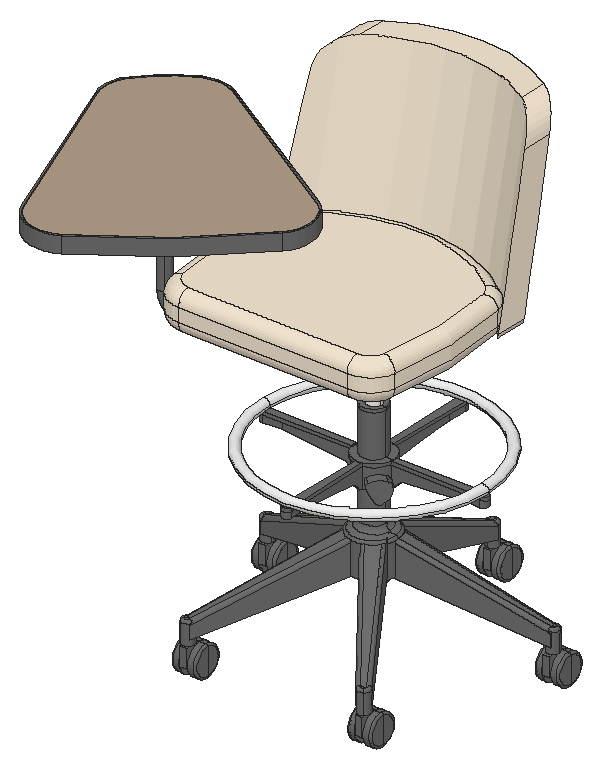
Revit family "Seating_Inc-Dock-Collaborative-Stool", category Furniture, Revit 2014 (continued)
Automatic sketch dimensions
  profile plane to Sweep 37 sketch curve = 8.42268"
  profile plane to Sweep 37 sketch curve = 2.18107"  (x2)
  Sweep 37 sketch curve to Sweep 37 sketch curve = 0.0654"  (x2)
  profile plane to Sweep 37 sketch curve = 1.47364"  (x2)
  profile plane to Sweep 37 sketch curve = 1.93386"  (x2)
  Sweep 37 sketch curve to Sweep 37 sketch curve = 1.33719"
  profile plane to Sweep 37 sketch curve = 1.72239"  (x2)
  Sweep 37 sketch curve to Sweep 37 sketch curve = 0"  (x2)
  profile plane to Sweep 37 sketch curve = 1.16264"
  profile plane to Sweep 37 sketch curve = 0.17463"  (x2)
  Sweep 37 sketch curve to profile plane = 0.0749"  (x2)
  Sweep 37 sketch curve to profile plane = 0.17601"  (x2)
  Sweep 37 sketch curve to Sweep 37 sketch curve = 0.21"  (x2)
  Sweep 37 sketch curve to Sweep 37 sketch curve = 0.35064"  (x2)
  Sweep 37 sketch curve to profile plane = 1.64702"
  Sweep 37 sketch curve to Sweep 37 sketch curve = 5.73245"
  Sweep 37 sketch curve to Sweep 37 sketch curve = 1.33678"
  Sweep 37 sketch curve to Sweep 37 sketch curve = 0.00041"
  profile plane to Sweep 37 sketch curve = 0.42345"
  Sweep 37 sketch curve to profile plane = 5.32655"
  Sweep 37 sketch curve to Sweep 37 sketch curve = 0.04416"  (x2)
  Sweep 37 sketch curve to Sweep 37 sketch curve = 1.371"  (x2)
  Sweep 37 sketch curve to Sweep 37 sketch curve = 0.06183"  (x2)
  Sweep 37 sketch curve to Sweep 37 sketch curve = 1.29894"
  Sweep 37 sketch curve to Sweep 37 sketch curve = 5 3/4"
  Revolve 38 sketch curve to plane 3 "Center (Left/Right)" = 0"
  Revolve 38 sketch curve to Revolve 38 sketch curve = 1.50865"
  Revolve 38 sketch curve to Revolve 38 sketch curve = 0.68768"  (x2)
  Revolve 38 sketch curve to plane 9 = 0.62478"
  level to Revolve 38 sketch curve = 11.69527"
  Revolve 38 sketch curve to Revolve 38 sketch curve = 1/2"
  Revolve 38 sketch curve to Revolve 38 sketch curve = 1.80532"
  Revolve 38 sketch curve to Revolve 38 sketch curve = 0"
  Revolve 38 sketch curve to Revolve 38 sketch curve = 0.4792"
  plane 3 "Center (Left/Right)" to Sweep 39 sketch curve = 1.90159"
  plane 1 "Center (Front/Back)" to Sweep 39 sketch curve = 1.79117"
  Sweep 39 sketch curve to Sweep 39 sketch curve = 0.5748"
  profile plane to Sweep 39 sketch curve = 0.31174"
  profile plane to Sweep 39 sketch curve = 0.01217"
  Sweep 39 sketch curve to profile plane = 0.29013"
  Sweep 39 sketch curve to Sweep 39 sketch curve = 0.01331"
  Sweep 39 sketch curve to profile plane = 0.63434"
  Sweep 39 sketch curve to Sweep 39 sketch curve = 1.67058"
  profile plane to Sweep 39 sketch curve = 9.28327"
  Sweep 39 sketch curve to Sweep 39 sketch curve = 0.28432"
  Sweep 39 sketch curve to Sweep 39 sketch curve = 0.67658"
  Sweep 39 sketch curve to Sweep 39 sketch curve = 0.02572"
  Sweep 39 sketch curve to Sweep 39 sketch curve = 0.18568"
  Sweep 39 sketch curve to Sweep 39 sketch curve = 0.91418"
  Sweep 39 sketch curve to Sweep 39 sketch curve = 0.1162"
  Sweep 39 sketch curve to Sweep 39 sketch curve = 0"  (x5)
  Revolve 40 sketch curve to Revolve 40 sketch curve = 0.10632"  (x2)
  Revolve 40 sketch curve to Revolve 40 sketch curve = 0.66121"
  plane 1 "Center (Front/Back)" to Revolve 40 sketch curve = 0.90374"
  Revolve 40 sketch curve to Revolve 40 sketch curve = 0.29795"
  Revolve 40 sketch curve to Revolve 40 sketch curve = 0.13805"
  Revolve 41 sketch curve to plane 3 "Center (Left/Right)" = 1.95239"
  Revolve 41 sketch curve to Revolve 41 sketch curve = 0.15635"
  Revolve 41 sketch curve to Revolve 41 sketch curve = 1/4"
  Revolve 41 sketch curve to plane 3 "Center (Left/Right)" = 1.62126"
  Revolve 41 sketch curve to Revolve 41 sketch curve = 0.25709"
  Revolve 41 sketch curve to Revolve 41 sketch curve = 0.13572"
  Revolve 41 sketch curve to Revolve 41 sketch curve = 0.44439"
  Revolve 41 sketch curve to plane 3 "Center (Left/Right)" = 1.03896"
  Revolve 41 sketch curve to Revolve 41 sketch curve = 0.91343"
  Revolve 41 sketch curve to Revolve 41 sketch curve = 1/2"
  level to Revolve 41 sketch curve = 5.26"
  Revolve 41 sketch curve to Revolve 41 sketch curve = 2.74944"
  Revolve 41 sketch curve to Revolve 41 sketch curve = 1.685"
  Revolve 41 sketch curve to Revolve 41 sketch curve = 0.225"
  Revolve 41 sketch curve to plane 3 "Center (Left/Right)" = 1/16"  (x2)
  Revolve 41 sketch curve to Revolve 41 sketch curve = 5.90901"
  Revolve 41 sketch curve to Revolve 41 sketch curve = 6 85/256"
  Sweep 3 sketch curve to profile plane = 0.02244"
  Sweep 3 sketch curve to Sweep 3 sketch curve = 1"
  Sweep 3 sketch curve to profile plane = 1.02244"
  Sweep 3 sketch curve to Sweep 3 sketch curve = 0.27381"
  Sweep 3 sketch curve to plane 6 = 3.01858"
  Sweep 3 sketch curve to plane 9 = 3.16829"
  Sweep 3 sketch curve to plane 9 = 3.19966"
  Sweep 3 sketch curve to plane 3 "Center (Left/Right)" = 0.03201"
  Sweep 3 sketch curve to plane 10 = 3.1369"
  Sweep 3 sketch curve to plane 10 = 2.99945"
  plane 7 to Sweep 3 sketch curve = 2.89358"
  Sweep 3 sketch curve to Sweep 3 sketch curve = 2.31165"
  Sweep 3 sketch curve to Sweep 3 sketch curve = 2.3822"
  Sweep 3 sketch curve to Sweep 3 sketch curve = 1.2818"
  Sweep 3 sketch curve to Sweep 3 sketch curve = 4.73695"
  Sweep 3 sketch curve to Sweep 3 sketch curve = 5.11076"
  Sweep 3 sketch curve to Sweep 3 sketch curve = 9.11053"
  Sweep 3 sketch curve to Sweep 3 sketch curve = 9.18409"
  Sweep 3 sketch curve to plane 9 = 0.81453"
  Sweep 3 sketch curve to Sweep 3 sketch curve = 0"  (x3)
  Extrusion 42 sketch curve to Extrusion 42 sketch curve = 6.65176"
  Extrusion 42 sketch curve to Extrusion 42 sketch curve = 6.64913"
  Extrusion 42 sketch curve to Extrusion 42 sketch curve = 1.01539"
  Sweep 3 to Extrusion 42 sketch curve = 1 11/128"
  level to Sweep 2 sketch curve = 17.3349"  (x2)
  profile plane to Sweep 2 sketch curve = 261.48498"
  profile plane to Sweep 2 sketch curve = 11.90641"
  Sweep 2 sketch curve to Sweep 2 sketch curve = 3.35174"
  profile plane to Sweep 2 sketch curve = 6.40386"
  Sweep 2 sketch curve to profile plane = 6.27886"
  Sweep 2 sketch curve to profile plane = 8.42967"
  Sweep 2 sketch curve to Sweep 2 sketch curve = 4.81473"
  Sweep 2 sketch curve to Sweep 2 sketch curve = 250.26639"
  level to Sweep 2 sketch curve = 22.90993"
  Sweep 2 sketch curve to Sweep 2 sketch curve = 1.7705"
  Sweep 2 sketch curve to Sweep 2 sketch curve = 1/2"  (x2)
  Sweep 2 sketch curve to Sweep 2 sketch curve = 11.23363"
  Sweep 2 sketch curve to Sweep 2 sketch curve = 0"  (x3)
  Sweep 2 sketch curve to Sweep 2 sketch curve = 2 11/128"
  Sweep 2 sketch curve to Sweep 2 sketch curve = 3.40993"
  plane 3 "Center (Left/Right)" to Revolve 8 sketch curve = 0.88484"
  Revolve 8 sketch curve to Revolve 8 sketch curve = 0.15904"
  plane 3 "Center (Left/Right)" to Revolve 8 sketch curve = 0.27925"
  Revolve 8 sketch curve to plane 3 "Center (Left/Right)" = 0.40425"
  Revolve 8 sketch curve to Revolve 8 sketch curve = 0.4446"
  Revolve 8 sketch curve to Revolve 8 sketch curve = 0.161"
  level to Revolve 8 sketch curve = 1.20363"  (x2)
  Revolve 8 sketch curve to Revolve 8 sketch curve = 1.03301"
  Revolve 8 sketch curve to Revolve 8 sketch curve = 1.03497"
  Revolve 8 sketch curve to Revolve 8 sketch curve = 0.14627"
  Revolve 8 sketch curve to Revolve 8 sketch curve = 0.07251"
  Revolve 8 sketch curve to Revolve 8 sketch curve = 0"
  Extrusion 9 sketch curve to plane 11 = 1.40226"
  Extrusion 9 sketch curve to plane 11 = 71/256"
  Extrusion 9 sketch curve to Extrusion 9 sketch curve = 0.07565"
  Extrusion 9 sketch curve to Extrusion 9 sketch curve = 1.20059"
  level to Extrusion 9 sketch curve = 0.9637"
  level to Extrusion 9 sketch curve = 1.17712"
  plane 9 to Revolve 11 sketch curve = 0.40664"
  Revolve 11 sketch curve to Revolve 11 sketch curve = 0.15904"
  Revolve 11 sketch curve to Revolve 11 sketch curve = 0.60559"
  Revolve 11 sketch curve to Revolve 11 sketch curve = 0.6835"
  Revolve 11 sketch curve to Revolve 11 sketch curve = 0.4446"
  Revolve 11 sketch curve to Revolve 11 sketch curve = 0.161"
  level to Revolve 11 sketch curve = 1.20363"  (x2)
  Revolve 11 sketch curve to Revolve 11 sketch curve = 1.03301"
  Revolve 11 sketch curve to Revolve 11 sketch curve = 1.03497"
  Revolve 11 sketch curve to Revolve 11 sketch curve = 0.14627"
  Revolve 11 sketch curve to Revolve 11 sketch curve = 0.07251"
  Revolve 11 sketch curve to Revolve 11 sketch curve = 0"
  level to Extrusion 12 sketch curve = 0.9637"
  Extrusion 12 sketch curve to plane 1 "Center (Front/Back)" = 5.40467"
  Extrusion 12 sketch curve to Extrusion 12 sketch curve = 1.12493"
  Extrusion 12 sketch curve to Extrusion 12 sketch curve = 0.07565"
  Extrusion 12 sketch curve to Extrusion 12 sketch curve = 1.20059"
  level to Extrusion 12 sketch curve = 1.17712"
  plane 10 to Revolve 20 sketch curve = 2.44319"
  Revolve 20 sketch curve to Revolve 20 sketch curve = 0.15904"
  Revolve 20 sketch curve to Revolve 20 sketch curve = 0.60559"
  Revolve 20 sketch curve to Revolve 20 sketch curve = 0.6835"
  Revolve 20 sketch curve to Revolve 20 sketch curve = 0.4446"
  Revolve 20 sketch curve to Revolve 20 sketch curve = 0.161"
  level to Revolve 20 sketch curve = 1.20363"  (x2)
  Revolve 20 sketch curve to Revolve 20 sketch curve = 1.03301"
  Revolve 20 sketch curve to Revolve 20 sketch curve = 1.03497"
  Revolve 20 sketch curve to Revolve 20 sketch curve = 0.14627"
  Revolve 20 sketch curve to Revolve 20 sketch curve = 0.07251"
  Revolve 20 sketch curve to Revolve 20 sketch curve = 0"
  level to Extrusion 21 sketch curve = 0.9637"
  Extrusion 21 sketch curve to plane 1 "Center (Front/Back)" = 5.40467"
  Extrusion 21 sketch curve to Extrusion 21 sketch curve = 1.12493"
  Extrusion 21 sketch curve to Extrusion 21 sketch curve = 0.07565"
  Extrusion 21 sketch curve to Extrusion 21 sketch curve = 1.20059"
  level to Extrusion 21 sketch curve = 1.17712"
  level to Revolve 14 sketch curve = 1.20363"
  Revolve 14 sketch curve to plane 9 = 3.8618"
  Revolve 14 sketch curve to Revolve 14 sketch curve = 0.15904"
  Revolve 14 sketch curve to Revolve 14 sketch curve = 0.60559"
  Revolve 14 sketch curve to Revolve 14 sketch curve = 0.6835"
  Revolve 14 sketch curve to Revolve 14 sketch curve = 0.4446"
  Revolve 14 sketch curve to Revolve 14 sketch curve = 0.161"
  Revolve 14 sketch curve to Revolve 14 sketch curve = 0"  (x2)
  Revolve 14 sketch curve to Revolve 14 sketch curve = 1.03301"
  Revolve 14 sketch curve to Revolve 14 sketch curve = 1.03497"
  Revolve 14 sketch curve to Revolve 14 sketch curve = 0.14627"
  Revolve 14 sketch curve to Revolve 14 sketch curve = 0.07251"
  level to Extrusion 15 sketch curve = 0.9637"
  plane 12 to Extrusion 15 sketch curve = 4.63069"
  Extrusion 15 sketch curve to Extrusion 15 sketch curve = 1.12493"
  Extrusion 15 sketch curve to Extrusion 15 sketch curve = 0.07565"
  plane 12 to Extrusion 15 sketch curve = 2.22952"
  level to Extrusion 15 sketch curve = 1.17712"
  Revolve 17 sketch curve to plane 10 = 1.82525"
  Revolve 17 sketch curve to Revolve 17 sketch curve = 0.15904"
  Revolve 17 sketch curve to Revolve 17 sketch curve = 0.60559"
  Revolve 17 sketch curve to Revolve 17 sketch curve = 0.6835"
  Revolve 17 sketch curve to Revolve 17 sketch curve = 0.4446"
  Revolve 17 sketch curve to Revolve 17 sketch curve = 0.161"
  level to Revolve 17 sketch curve = 1.20363"  (x2)
  Revolve 17 sketch curve to Revolve 17 sketch curve = 1.03301"
  Revolve 17 sketch curve to Revolve 17 sketch curve = 1.03497"
  Revolve 17 sketch curve to Revolve 17 sketch curve = 0.14627"
  Revolve 17 sketch curve to Revolve 17 sketch curve = 0.07251"
  Revolve 17 sketch curve to Revolve 17 sketch curve = 0"
  level to Extrusion 18 sketch curve = 0.9637"
  plane 12 to Extrusion 18 sketch curve = 4.63069"
  Extrusion 18 sketch curve to Extrusion 18 sketch curve = 1.12493"
  Extrusion 18 sketch curve to Extrusion 18 sketch curve = 0.07565"
  plane 12 to Extrusion 18 sketch curve = 2.22952"
  level to Extrusion 18 sketch curve = 1.17712"
  plane 1 "Center (Front/Back)" to curve 53 = 0"
  plane 1 "Center (Front/Back)" to curve 54 = 0"
  curve 54 to plane 3 "Center (Left/Right)" = 0"
  curve 23 to plane 3 "Center (Left/Right)" = 1/16"
  curve 29 to plane 3 "Center (Left/Right)" = 0.08569"
  curve 52 to curve 29 = 0.00349"
  curve 51 to curve 52 = 0.01396"
  curve 53 to curve 29 = 0.01801"
  curve 1 to plane 3 "Center (Left/Right)" = 0.18914"
  curve 2 to plane 3 "Center (Left/Right)" = 0.26505"
  curve 88 to plane 3 "Center (Left/Right)" = 0.32862"
  curve 87 to curve 88 = 0.07563"
  curve 21 to curve 87 = 0.12544"
  curve 91 to curve 84 = 0.36574"
  curve 85 to curve 21 = 0.24029"
  curve 27 to plane 3 "Center (Left/Right)" = 0.95397"
  curve 83 to curve 86 = 1/4"
  plane 1 "Center (Front/Back)" to curve 28 = 0.49785"
  curve 28 to curve 1 = 1.26863"
  curve 131 to plane 3 "Center (Left/Right)" = 2.73454"
  curve 46 to curve 2 = 2.67644"
  curve 47 to curve 46 = 0.0008"
  curve 43 to curve 26 = 2.09132"
  curve 44 to curve 44 = 0.00062"
  curve 45 to curve 44 = 0.38619"
  curve 45 to curve 46 = 1/2"
  curve 7 to curve 44 = 2.20521"
  curve 6 to curve 7 = 0.10266"
  curve 12 to curve 7 = 0.36053"
  curve 100 to curve 98 = 0.14984"
  curve 103 to curve 103 = 1/4"
  curve 99 to curve 103 = 0.3469"
  curve 36 to curve 99 = 0.00836"
  curve 113 to curve 99 = 0.07661"
  curve 38 to curve 38 = 0.37618"
  curve 132 to curve 38 = 0.11418"
  curve 111 to curve 38 = 0.22332"
  curve 105 to curve 111 = 0.07661"
  curve 37 to curve 132 = 0.2801"
  curve 107 to curve 105 = 0.3469"
  curve 106 to curve 105 = 0.44705"
  curve 104 to curve 109 = 1/4"
  curve 39 to plane 9 = 0.40441"
  curve 41 to plane 9 = 0.08813"
  curve 42 to plane 9 = 0.03242"
  plane 9 to curve 40 = 0.22815"
  plane 9 to curve 55 = 0.41381"
  curve 58 to curve 55 = 0.14208"
  curve 57 to curve 58 = 0.45597"
  curve 68 to curve 56 = 0.10824"
  curve 15 to curve 68 = 0.25504"
  curve 17 to curve 17 = 0.12998"
  curve 67 to curve 67 = 1/2"
  curve 16 to curve 17 = 0.16024"
  curve 60 to curve 66 = 0.08326"
  curve 63 to curve 16 = 0.03801"
  curve 64 to curve 65 = 0.41295"
  curve 62 to curve 60 = 0.44766"
  curve 59 to curve 62 = 0.14908"
  plane 1 "Center (Front/Back)" to curve 4 = 3.8386"
  curve 4 to plane 6 = 6.31952"
  plane 3 "Center (Left/Right)" to curve 89 = 0.20264"
  curve 89 to curve 96 = 0.07661"
  curve 96 to curve 22 = 0.12544"
  curve 93 to curve 93 = 0.36574"
  curve 22 to curve 94 = 0.24029"
  curve 95 to curve 92 = 1/4"
  plane 3 "Center (Left/Right)" to curve 47 = 2.80771"
  curve 47 to curve 48 = 0.0008"
  plane 3 "Center (Left/Right)" to curve 50 = 2.95656"
  curve 50 to curve 43 = 0.00058"
  curve 48 to curve 49 = 1/2"
  curve 50 to curve 49 = 0.36137"
  curve 43 to curve 8 = 2.00414"
  curve 50 to curve 10 = 1.73177"
  curve 114 to plane 10 = 3.71124"
  curve 114 to curve 118 = 0.14984"
  curve 114 to curve 119 = 1/4"
  curve 116 to curve 116 = 0.44705"
  curve 115 to curve 33 = 0.00556"
  curve 115 to curve 14 = 0.04449"
  curve 115 to curve 128 = 0.07661"
  curve 33 to curve 34 = 0.3713"
  curve 34 to curve 35 = 0.0119"
  curve 126 to curve 127 = 17/32"
  curve 126 to curve 122 = 0.07661"
  curve 35 to curve 32 = 0.37736"
  curve 121 to curve 123 = 0.3469"
  curve 121 to curve 122 = 0.44705"
  curve 125 to curve 120 = 1/4"
  curve 9 to plane 10 = 1.22838"
  plane 10 to curve 69 = 0.55567"
  curve 69 to curve 72 = 0.14208"
  curve 71 to curve 71 = 0.45597"
  plane 10 to curve 5 = 1.18215"
  curve 70 to curve 82 = 0.10824"
  curve 82 to curve 18 = 0.16129"
  curve 20 to curve 20 = 0.12998"
  curve 20 to curve 19 = 0.16024"
  curve 81 to curve 80 = 1/2"
  curve 20 to curve 79 = 0.13176"
  curve 80 to curve 74 = 0.08326"
  plane 10 to curve 130 = 2.10461"
  curve 79 to curve 78 = 0.41295"
  curve 74 to curve 76 = 0.44766"
  curve 78 to curve 73 = 0.1838"
  plane 1 "Center (Front/Back)" to curve 11 = 2.96884"
  plane 7 to curve 11 = 6.6029"
  curve 11 to curve 3 = 3.04515"
  plane 12 to curve 13 = 1.57171"
  plane 12 to curve 112 = 2.22952"
  curve 14 to curve 129 = 0.65781"
  curve 112 to curve 101 = 0.00223"
  curve 127 to curve 123 = 0.00223"
  curve 128 to curve 117 = 0.00223"
  curve 111 to curve 107 = 0.00223"
  curve 99 to curve 36 = 0.17308"
  curve 115 to curve 33 = 0.1993"
  curve 38 to curve 38 = 0.28712"
  curve 33 to curve 35 = 0.27348"
  curve 35 to curve 34 = 0.01001"
  curve 37 to curve 132 = 0.363"
  curve 34 to curve 14 = 0.84891"
  curve 41 to curve 42 = 0.30175"
  curve 42 to curve 41 = 0.06984"
  curve 132 to curve 102 = 1.15327"
  curve 14 to curve 118 = 0.64821"
  curve 120 to curve 115 = 0.14984"
  curve 108 to curve 99 = 0.14984"
  curve 105 to curve 111 = 0.01093"
  curve 115 to curve 126 = 0.01093"
  plane 1 "Center (Front/Back)" to curve 130 = 4 7/64"
  plane 1 "Center (Front/Back)" to curve 47 = 3.48312"
  curve 47 to curve 27 = 2.97606"
  curve 47 to curve 49 = 0.4992"
  curve 47 to curve 46 = 1/2"
  curve 2 to curve 27 = 1.8508"
  plane 1 "Center (Front/Back)" to curve 1 = 0.92691"
  plane 1 "Center (Front/Back)" to curve 51 = 0.08608"
  curve 51 to curve 52 = 0"
  curve 52 to curve 29 = 0.00588"
  curve 27 to plane 1 "Center (Front/Back)" = 1.08227"
  curve 5 to plane 1 "Center (Front/Back)" = 2.33652"
  curve 7 to plane 1 "Center (Front/Back)" = 2.53417"
  curve 7 to curve 44 = 0.3559"
  curve 44 to curve 45 = 0.00062"
  curve 49 to plane 1 "Center (Front/Back)" = 2.9047"
  curve 49 to curve 50 = 0.00058"
  curve 5 to curve 79 = 0.67198"
  curve 11 to curve 65 = 1.87519"
  curve 50 to curve 10 = 0.15329"
  curve 63 to curve 16 = 0.0796"
  curve 77 to curve 19 = 0.11085"
  curve 17 to curve 17 = 0.44604"
  curve 7 to curve 12 = 1.01016"
  curve 20 to curve 20 = 0.44604"
  curve 9 to curve 18 = 0.37453"
  curve 60 to curve 62 = 1.28175"
  curve 80 to curve 76 = 1.25548"
  curve 55 to curve 60 = 0.14409"
  curve 72 to curve 74 = 0.14409"
  curve 12 to curve 6 = 1.8505"
  curve 10 to curve 8 = 2.34796"
  curve 74 to curve 80 = 0.02801"
  curve 56 to curve 67 = 0.03001"
  plane 11 to curve 85 = 1.00566"
  plane 11 to curve 94 = 1.00566"
  plane 11 to curve 23 = 0.47108"
  curve 95 to curve 22 = 0.30502"
  curve 91 to plane 11 = 1.14133"
  curve 97 to curve 84 = 1/4"
  curve 84 to curve 89 = 0.01093"
  plane 4 to curve 131 = 287.59902"
  curve 85 to curve 85 = 0.21601"
  curve 24 to curve 85 = 0.01757"
  curve 21 to curve 24 = 0"
  curve 24 to plane 3 "Center (Left/Right)" = 0.81715"
  curve 46 to curve 36 = 1.25411"
  curve 46 to curve 37 = 29/64"
  plane 1 "Center (Front/Back)" to curve 40 = 1.67864"
  curve 40 to curve 37 = 0.22506"
  curve 39 to curve 46 = 0.71822"
  curve 111 to curve 131 = 0.08448"
  curve 132 to curve 131 = 0"
  curve 6 to curve 1 = 0"
  curve 6 to curve 12 = 1.02038"
  curve 2 to curve 12 = 0"
  curve 26 to curve 12 = 0.18581"
  curve 28 to plane 9 = 0.81602"
  curve 15 to curve 26 = 0.38125"
  curve 16 to curve 28 = 0.20283"
  curve 41 to curve 42 = 0.12482"
  curve 94 to curve 94 = 0.21601"
  curve 94 to curve 25 = 0.01487"
  curve 25 to curve 22 = 0.0027"
  plane 3 "Center (Left/Right)" to curve 25 = 0.73234"
  plane 3 "Center (Left/Right)" to curve 33 = 1.13986"
  plane 1 "Center (Front/Back)" to curve 32 = 1.967"
  curve 30 to plane 1 "Center (Front/Back)" = 1.59373"
  curve 31 to plane 1 "Center (Front/Back)" = 0.13231"
  curve 35 to curve 33 = 0.05245"
  curve 8 to curve 1 = 0"
  curve 7 to curve 8 = 0"
  curve 10 to curve 30 = 0.06232"
  curve 31 to plane 10 = 0.96744"
  curve 4 to curve 14 = 0"
  curve 4 to curve 9 = 0.01614"
  curve 30 to curve 18 = 0.36777"
  curve 31 to curve 19 = 0.19103"
  curve 30 to curve 25 = 1.28372"
  curve 25 to curve 24 = 0.01046"
  curve 74 to curve 80 = 0.02626"
  curve 132 to curve 39 = 0.77091"
  curve 42 to curve 104 = 1.4456"
  curve 3 to curve 11 = 0.40509"
  curve 63 to plane 1 "Center (Front/Back)" = 3.0085"
  curve 130 to curve 3 = 0"
  radius of Sweep 33 sketch curve = 0.16542"
  radius of Sweep 35 sketch curve = 8.58181"
  radius of Sweep 35 sketch curve = 0.37509"
  radius of Extrusion 42 sketch curve to Sweep 3 = 0"  (x2)
  radius of curve 51 = 171/256"
  radius of curve 52 = 1.88204"
  radius of curve 53 = 9"
  radius of curve 54 = 8 1/4"
Nested families (in)
  nested 1: "Tablet arm" at (0, 0, 0), Support <- "Leg", Edge Band <- "Edge Band", Arm Surafce <- "Arm Surafce", Tablet Arm <- "Tablet Arm", type "Arm Rest"
    with Tablet Arm yes, Support STI - Black, Edge Band STI - Black, Arm Surafce STI - Wood
Definition of nested family "Tablet arm"
  Parameters (values of type "Arm Rest")
    URL = ""
    Type Comments = ""
    Tablet Arm [instance] = yes
    Support [instance] = none
    Model = ""
    Manufacturer = ""
    Keynote = ""
    Edge Band [instance] = none
    Description = ""
    Assembly Code = ""
    Arm Surafce [instance] = none
  Reference planes (in)
    plane 1 "Center (Front/Back)": y = -2.5
    plane 2: z = 0
    plane 3 "Center (Left/Right)": x = 11
    plane 4: y = 12.5
    plane 5: y = -17.5
    plane 6: x = -4
    plane 7: x = 26
    plane 8: z = 39.75
    plane 9: x = 1.11657
    plane 10: x = 20.61657
    plane 11: y = 9.63708
    plane 12: y = -14.86292
  Forms (in)
    Sweep 1, solid, material <- "Support", visible <- "Tablet Arm"
      path origin (-5.09957, -5.23846, 0) x (0.761505, 0.648159, 0) y (0, 0, 1)
        loop
          line (1.13554, 38.5) -> (1.13554, 26.01492)
          arc (1.13554, 26.01492) -> (1.86777, 24.24715) -> (3.63554, 23.51492) r 2.5
          line (3.63554, 23.51492) -> (13.48767, 23.51492)
      profile origin (-4.23485, -4.50245, 32.25746) x (0.648159, -0.761505, 0) y (0.761505, 0.648159, 0)
        loop
          circle (8.34757, -0.0223) r 0.49766
    Sweep 2, solid, material <- "Edge Band", visible <- "Tablet Arm"
      path origin (0, 0, 0) x (1, 0, 0) y (0, 1, 0)
        loop
          line (-2.21481, -13.50175) -> (3.10393, -27.35752)
          arc (3.10393, -27.35752) -> (4.93, -29.11967) -> (7.45346, -28.8517) r 3
          arc (7.45346, -28.8517) -> (12.99171, -24.87921) -> (17.82878, -20.07758) r 42.77892
          arc (17.82878, -20.07758) -> (18.4951, -17.71198) -> (17.11762, -15.67665) r 2.91744
          line (17.11762, -15.67665) -> (4.2257, -7.9304)
          arc (4.2257, -7.9304) -> (2.94203, -7.54082) -> (1.62679, -7.80486) r 2.75
          arc (1.62679, -7.80486) -> (-0.26874, -9.00895) -> (-1.81917, -10.63347) r 9.27125
          arc (-1.81917, -10.63347) -> (-2.38593, -12.01672) -> (-2.21481, -13.50175) r 3
      profile origin (0.44456, -20.42963, 0) x (0.93358, 0.358368, 0) y (0, 0, 1)
        loop
          line (0.01172, 38.5) -> (0.12983, 38.5) -> (0.12983, 39.75) -> (0.01172, 39.75) -> (0.01172, 38.5)
    Extrusion 3, solid, material <- "Arm Surafce", visible <- "Tablet Arm"
      sketch origin (0.58593, -12.42664, 39.75) x (-0.801701, 0.597725, 0) y (-0.597725, -0.801701, 0)
        loop
          arc (2.87017, 0) -> (2.51386, 1.38507) -> (1.53338, 2.42624) r 2.87017
          line (1.53338, 2.42624) -> (-11.0126, 10.35528)
          arc (-11.0126, 10.35528) -> (-13.42091, 10.66261) -> (-15.20318, 9.01401) r 2.87017
          arc (-15.20318, 9.01401) -> (-17.26248, 2.53863) -> (-18.26724, -4.18162) r 42.64909
          arc (-18.26724, -4.18162) -> (-17.42661, -6.37429) -> (-15.20899, -7.14669) r 2.78761
          line (-15.20899, -7.14669) -> (-0.2434, -5.65103)
          arc (-0.2434, -5.65103) -> (0.95901, -5.21756) -> (1.81328, -4.26684) r 2.62017
          arc (1.81328, -4.26684) -> (2.60202, -2.19789) -> (2.87017, 0) r 9.14142
      from 0 to -1.25
  Lines and regions (in)
    symbolic lines, style "Chair", visible <- "Tablet Arm"
      curve 1: line (17.00221, -15.6867, 0) -> (4.11029, -7.94045, 0)
      curve 2: arc (4.11029, -7.94045, 0) -> (2.83209, -7.55252, 0) -> (1.52246, -7.81544, 0) r 2.73828
      curve 3: arc (1.52246, -7.81544, 0) -> (-0.37068, -9.01801, 0) -> (-1.91915, -10.64047, 0) r 9.25953
      curve 4: arc (-1.91915, -10.64047, 0) -> (-2.48369, -12.01832, 0) -> (-2.31324, -13.49755, 0) r 2.98828
      curve 5: line (-2.31324, -13.49755, 0) -> (3.00549, -27.35332, 0)
      curve 6: arc (3.00549, -27.35332, 0) -> (4.82443, -29.10859, 0) -> (7.33804, -28.84166, 0) r 2.98828
      curve 7: arc (7.33804, -28.84166, 0) -> (12.87477, -24.87027, 0) -> (17.71051, -20.06995, 0) r 42.7672
      curve 8: arc (17.71051, -20.06995, 0) -> (18.37416, -17.71385, 0) -> (17.00221, -15.6867, 0) r 2.90572
      curve 9: line (4.04946, -8.04169, 0) -> (16.94138, -15.78794, 0)
      curve 10: arc (16.94138, -15.78794, 0) -> (18.25756, -17.7327, 0) -> (17.62089, -19.99302, 0) r 2.78761
      curve 11: arc (17.62089, -19.99302, 0) -> (12.7985, -24.78008, 0) -> (7.27706, -28.74051, 0) r 42.64909
      curve 12: arc (7.27706, -28.74051, 0) -> (4.8628, -28.99689, 0) -> (3.11576, -27.31099, 0) r 2.87017
      curve 13: line (3.11576, -27.31099, 0) -> (-2.20298, -13.45522, 0)
      curve 14: arc (-2.20298, -13.45522, 0) -> (-2.36669, -12.03446, 0) -> (-1.82446, -10.71107, 0) r 2.87017
      curve 15: arc (-1.82446, -10.71107, 0) -> (-0.29574, -9.1093, 0) -> (1.57325, -7.92207, 0) r 9.14142
      curve 16: arc (1.57325, -7.92207, 0) -> (2.82639, -7.67049, 0) -> (4.04946, -8.04169, 0) r 2.62017
  Dimensions and locks (in)
    equal spacing: plane 6, plane 3 "Center (Left/Right)", plane 7
    equal spacing: plane 4, plane 1 "Center (Front/Back)", plane 5
    plane 4 to plane 5 = 30"
    plane 6 to plane 7 = 30"
    plane 8 to plane 2 = 39 3/4"
    locked: Sweep 1 sketch curve to plane 6 at 0.23485
    locked: plane 8 to Sweep 1 sketch curve at 16.23508
    plane 6 to Sweep 2 sketch curve to Sweep 2 sketch curve to Sweep 2 sketch curve = 1.78519" locked, 9.66827" locked, 9.66415" locked
    locked: plane 8 to Sweep 2 sketch curve at 1.25
    plane 9 to plane 10 = 19 1/2"
    plane 12 to plane 11 = 24 1/2"
    aligned and locked: plane 2 to level
    aligned and locked: Extrusion 3 sketch curve to Sweep 2  (x4)
    aligned and locked: Extrusion 3 to Sweep 2
    aligned and locked: Extrusion 3 to Sweep 1
    aligned and locked: Sweep 2 sketch curve to plane 8
  Automatic sketch dimensions
    Sweep 1 sketch curve to plane 8 = 13.73508"
    Sweep 1 sketch curve to Sweep 1 sketch curve = 2 1/2"
    Sweep 1 sketch curve to Sweep 1 sketch curve = 9.85213"
    Sweep 1 sketch curve to plane 8 = 1 1/4"
    profile plane to Sweep 1 sketch curve = 0.0223"
    profile plane to Sweep 1 sketch curve = 8.34757"
    plane 11 to Sweep 2 sketch curve = 1.8517"
    Sweep 2 sketch curve to plane 6 = 10.63184"
    plane 9 to Sweep 2 sketch curve = 0.53064"
    Sweep 2 sketch curve to plane 9 = 1.69277"
    Sweep 2 sketch curve to plane 9 = 1.98735"
    Sweep 2 sketch curve to Sweep 2 sketch curve = 1.41635"
    Sweep 2 sketch curve to plane 12 = 1.31221"
    Sweep 2 sketch curve to plane 3 "Center (Left/Right)" = 5.3864"
    Sweep 2 sketch curve to Sweep 2 sketch curve = 1.5488"
    Sweep 2 sketch curve to plane 5 = 0.67738"
    Sweep 2 sketch curve to Sweep 2 sketch curve = 1.50259"
    Sweep 2 sketch curve to plane 5 = 8.78242"
    Sweep 2 sketch curve to plane 12 = 0.81373"
    plane 12 to Sweep 2 sketch curve = 1.36117"
    plane 12 to Sweep 2 sketch curve = 2.43628"
    Sweep 2 sketch curve to Sweep 2 sketch curve = 2.13903"
    Sweep 2 sketch curve to Sweep 2 sketch curve = 2.35721"
    Sweep 2 sketch curve to Sweep 2 sketch curve = 0"  (x2)
    Sweep 2 sketch curve to profile plane = 3/256"
    Sweep 2 sketch curve to Sweep 2 sketch curve = 0.11811"
    Extrusion 3 sketch curve to Extrusion 3 sketch curve = 4.74135"
    Extrusion 3 sketch curve to Extrusion 3 sketch curve = 1.53338"
    Extrusion 3 sketch curve to Extrusion 3 sketch curve = 8.93774"
    Extrusion 3 sketch curve to Extrusion 3 sketch curve = 0.27721"
    Extrusion 3 sketch curve to Extrusion 3 sketch curve = 3.37413"
    Extrusion 3 sketch curve to Extrusion 3 sketch curve = 0.26056"
    Extrusion 3 sketch curve to Extrusion 3 sketch curve = 2.87017"
    Extrusion 3 sketch curve to Extrusion 3 sketch curve = 1.33679"
    Extrusion 3 sketch curve to Extrusion 3 sketch curve = 2.77379"
    Extrusion 3 sketch curve to Extrusion 3 sketch curve = 2.60718"
    Extrusion 3 sketch curve to Extrusion 3 sketch curve = 2.42624"
    curve 2 to curve 16 = 0"  (x2)
    curve 3 to curve 15 = 0"  (x2)
    curve 4 to curve 14 = 0"  (x2)
    curve 6 to curve 12 = 0"  (x2)
    curve 7 to curve 11 = 0"  (x2)
    curve 8 to curve 10 = 0"  (x2)
    curve 6 to plane 9 = 4.67872"
    curve 15 to plane 12 = 1.31221"
    curve 15 to plane 9 = 4.38765"
    curve 9 to curve 1 = 0.06083"
    curve 13 to plane 9 = 1.99919"
    curve 5 to curve 12 = 0.11027"
    plane 9 to curve 4 = 0.64001"
    plane 6 to curve 13 = 1.79702"
    curve 5 to curve 13 = 0.11027"
    plane 11 to curve 11 = 1.8517"
    curve 11 to plane 6 = 10.74121"
    curve 8 to plane 5 = 0.67738"
    plane 3 "Center (Left/Right)" to curve 8 = 4.50565"
    curve 9 to plane 12 = 0.92502"
    curve 8 to curve 9 = 1.43573"
    curve 1 to plane 12 = 0.82378"
    curve 10 to curve 1 = 0.06083"
    curve 12 to plane 5 = 8.78242"
    curve 13 to curve 6 = 1.02858"
    curve 5 to curve 12 = 0.04233"
    plane 12 to curve 5 = 1.36537"
    curve 5 to curve 13 = 0.04233"
    plane 12 to curve 4 = 2.43628"
    curve 16 to curve 1 = 0.10124"
    curve 7 to curve 6 = 0"
    curve 11 to curve 12 = 0"
    curve 15 to curve 16 = 0"
    curve 3 to curve 4 = 0"
    curve 16 to plane 9 = 1.5834"
    curve 2 to curve 9 = 1.34949"
    curve 4 to curve 16 = 2.13903"
    curve 9 to curve 3 = 0.22625"
    radius of Sweep 1 sketch curve = 0.49766"
Types (3): name | Model | Lever Pad | Leg | Description
  (no name) | "GO22B" | STI - Plastic | STI - Black | "Dock Stool Black 30\"W 30\"D 32\"H"
  Dock Stool Black GO22B | "GO22B" | STI - Plastic | STI - Black | "Dock Stool Black 30\"W 30\"D 32\"H"
  Dock Stool Chrome GO22C | "GO22C" | STI - Black | STI - Chrome | "Dock Stool Chrome 30\"W 30\"D 32\"H"
